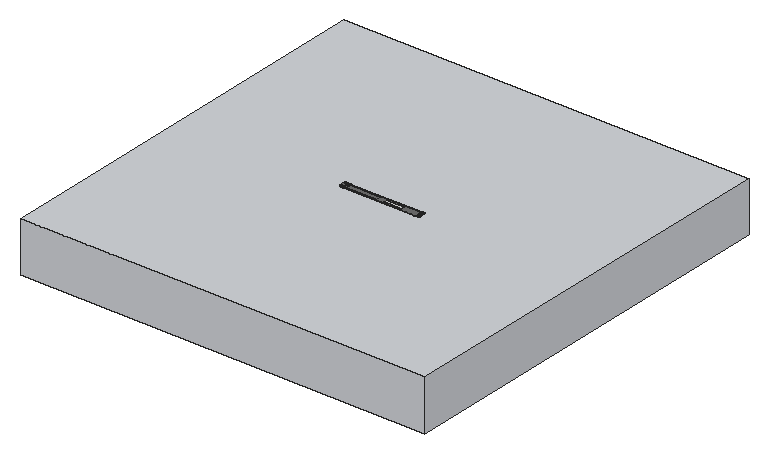
Revit family
Parameters (values of type "M-DCP")
  Weight = 0.000 lbf
  Watts = 0 W
  Voltage = 0 V
  U/M = "EA"
  U Space = "1"
  System = "MapIT (Copper & Fiber)"
  Serial Number = "M-DCP"
  Segment = "COPPER"
  Ports = "24"
  Model = "MAPIT"
  Metal = none
  Manufacturer = "SIEMON"
  Loaded/Empty = "Populated"
  Item Group = "MAPIT COPPER"
  Item Class = "XD"
  Description = "MAPIT,DCP,24PORT,1RMS,BLK"
  Default Elevation = 4' - 0"
  Color = "Black"
Reference planes (in)
  plane 1 "Center (Front/Back)": y = 0
  plane 2: z = 0
  plane 3 "Center (Left/Right)": x = 0
Forms (in)
  Extrusion 1, solid
    sketch origin (0, 0, 0) x (1, 0, 0) y (0, 1, 0)
      loop
        line (-48, 48) -> (-48, -48) -> (48, -48) -> (48, 48) -> (-48, 48)
    from 0 to -12
Dimensions and locks (in)
  aligned and locked: plane 2 to Extrusion 1
  aligned and locked: level to Extrusion 1
Nested families (in)
  nested 1: "M-DCP" at (0, -0.63656, -0.97364), type "M-DCP"
Definition of nested family "M-DCP"
  Parameters (values of type "M-DCP")
    Weight = "1.7 kgs (3.85 lbs)"
    UL Rating = "UL 1863"
    U Space / Capacity = "1U"
    Text1 = Symbol
    Text = Text
    Part Number = "M-DCP"
    Material1 = Metal
    Material = Cold rolled steel (CRS)
    Manufacturer Contact Info / Website = "www.siemon.com"
    Manufacturer = "Siemon"
    LCD = LCD
    Dimensions (H x W x D) = "44.5mm x 483mm x 96mm\r\n(1.75 in. x 19.0 in. x 3.76 in.)"
    Description = "MapIT G2 Distribution Control Panel"
    Clearance = "50mm (2.0 in.) Front and Rear"
    Assembly Code = ""
  Reference planes (in)
    plane 1: z = 0.97364
    plane 2 "Center (Left/Right)": x = 0
  Forms (in)
    Extrusion 1, solid, material "Cold rolled steel (CRS)" <- "Material"
      sketch origin (0, 0.82892, 0.39365) x (1, 0, 0) y (0, 0, -1)
        loop
          line (8.64702, 0.473) -> (-8.66102, 0.473) -> (-8.66102, -0.666) -> (8.64702, -0.666) -> (8.64702, 0.473)
      from 0 to 0.06296
    Extrusion 2, solid, material "Cold rolled steel (CRS)" <- "Material"
      sketch origin (0, 3.96088, 1.03957) x (1, 0, 0) y (0, 1, 0)
        loop
          arc (-9.50002, -4.68301) -> (-9.46341, -4.7714) -> (-9.37502, -4.80801) r 0.125
          line (-9.37502, -4.80801) -> (-8.84902, -4.80801)
          arc (-8.84902, -4.80801) -> (-8.83134, -4.80069) -> (-8.82402, -4.78301) r 0.025
          arc (-8.82402, -4.78301) -> (-8.8167, -4.76533) -> (-8.79902, -4.75801) r 0.025
          line (-8.79902, -4.75801) -> (-8.72402, -4.75801) -> (-8.72402, -3.11601) -> (-8.79902, -3.11601)
          arc (-8.79902, -3.11601) -> (-8.8167, -3.10868) -> (-8.82402, -3.09101) r 0.025
          arc (-8.82402, -3.09101) -> (-8.83134, -3.07333) -> (-8.84902, -3.06601) r 0.025
          line (-8.84902, -3.06601) -> (-9.37502, -3.06601)
          arc (-9.37502, -3.06601) -> (-9.46341, -3.10262) -> (-9.50002, -3.19101) r 0.125
          line (-9.50002, -3.19101) -> (-9.50002, -4.68301)
        loop
          arc (-9.22702, -4.42201) -> (-9.36702, -4.56201) -> (-9.22702, -4.70201) r 0.14
          line (-9.22702, -4.70201) -> (-9.10102, -4.70201)
          arc (-9.10102, -4.70201) -> (-8.96102, -4.56201) -> (-9.10102, -4.42201) r 0.14
          line (-9.10102, -4.42201) -> (-9.22702, -4.42201)
        loop
          arc (-9.22702, -3.17201) -> (-9.36702, -3.31201) -> (-9.22702, -3.45201) r 0.14
          line (-9.22702, -3.45201) -> (-9.10102, -3.45201)
          arc (-9.10102, -3.45201) -> (-8.96102, -3.31201) -> (-9.10102, -3.17201) r 0.14
          line (-9.10102, -3.17201) -> (-9.22702, -3.17201)
        loop
          arc (9.50002, -3.19101) -> (9.46341, -3.10262) -> (9.37502, -3.06601) r 0.125
          line (9.37502, -3.06601) -> (8.84902, -3.06601)
          arc (8.84902, -3.06601) -> (8.83134, -3.07333) -> (8.82402, -3.09101) r 0.025
          arc (8.82402, -3.09101) -> (8.8167, -3.10868) -> (8.79902, -3.11601) r 0.025
          line (8.79902, -3.11601) -> (8.72402, -3.11601) -> (8.72402, -4.75801) -> (8.79902, -4.75801)
          arc (8.79902, -4.75801) -> (8.8167, -4.76533) -> (8.82402, -4.78301) r 0.025
          arc (8.82402, -4.78301) -> (8.83134, -4.80069) -> (8.84902, -4.80801) r 0.025
          line (8.84902, -4.80801) -> (9.37502, -4.80801)
          arc (9.37502, -4.80801) -> (9.46341, -4.7714) -> (9.50002, -4.68301) r 0.125
          line (9.50002, -4.68301) -> (9.50002, -3.19101)
        loop
          arc (9.10102, -4.42201) -> (8.96102, -4.56201) -> (9.10102, -4.70201) r 0.14
          line (9.10102, -4.70201) -> (9.22702, -4.70201)
          arc (9.22702, -4.70201) -> (9.36702, -4.56201) -> (9.22702, -4.42201) r 0.14
          line (9.22702, -4.42201) -> (9.10102, -4.42201)
        loop
          line (9.22702, -3.17201) -> (9.10102, -3.17201)
          arc (9.10102, -3.17201) -> (8.96102, -3.31201) -> (9.10102, -3.45201) r 0.14
          line (9.10102, -3.45201) -> (9.22702, -3.45201)
          arc (9.22702, -3.45201) -> (9.36702, -3.31201) -> (9.22702, -3.17201) r 0.14
        loop
          arc (8.85002, -3.67201) -> (8.78638, -3.69837) -> (8.76002, -3.76201) r 0.09
          line (8.76002, -3.76201) -> (8.76002, -4.11201)
          arc (8.76002, -4.11201) -> (8.78638, -4.17565) -> (8.85002, -4.20201) r 0.09
          line (8.85002, -4.20201) -> (9.33002, -4.20201)
          arc (9.33002, -4.20201) -> (9.39366, -4.17565) -> (9.42002, -4.11201) r 0.09
          line (9.42002, -4.11201) -> (9.42002, -3.76201)
          arc (9.42002, -3.76201) -> (9.39366, -3.69837) -> (9.33002, -3.67201) r 0.09
          line (9.33002, -3.67201) -> (8.85002, -3.67201)
        loop
          line (9.33002, -3.68501) -> (8.85002, -3.68501)
          arc (8.85002, -3.68501) -> (8.79557, -3.70756) -> (8.77302, -3.76201) r 0.077
          line (8.77302, -3.76201) -> (8.77302, -4.11201)
          arc (8.77302, -4.11201) -> (8.79557, -4.16646) -> (8.85002, -4.18901) r 0.077
          line (8.85002, -4.18901) -> (9.33002, -4.18901)
          arc (9.33002, -4.18901) -> (9.38447, -4.16646) -> (9.40702, -4.11201) r 0.077
          line (9.40702, -4.11201) -> (9.40702, -3.76201)
          arc (9.40702, -3.76201) -> (9.38447, -3.70756) -> (9.33002, -3.68501) r 0.077
      from -0.02692 to 0.02008
    Extrusion 3, solid, material "Text" <- "Text"
      sketch origin (0, 0.02387, 1.07602) x (1, 0, 0) y (0, 1, 0)
        loop
          arc (8.85002, 0.265) -> (8.78638, 0.23864) -> (8.76002, 0.175) r 0.09
          line (8.76002, 0.175) -> (8.76002, -0.175)
          arc (8.76002, -0.175) -> (8.78638, -0.23864) -> (8.85002, -0.265) r 0.09
          line (8.85002, -0.265) -> (9.33002, -0.265)
          arc (9.33002, -0.265) -> (9.39366, -0.23864) -> (9.42002, -0.175) r 0.09
          line (9.42002, -0.175) -> (9.42002, 0.175)
          arc (9.42002, 0.175) -> (9.39366, 0.23864) -> (9.33002, 0.265) r 0.09
          line (9.33002, 0.265) -> (8.85002, 0.265)
        loop
          line (9.33002, 0.252) -> (8.85002, 0.252)
          arc (8.85002, 0.252) -> (8.79557, 0.22945) -> (8.77302, 0.175) r 0.077
          line (8.77302, 0.175) -> (8.77302, -0.175)
          arc (8.77302, -0.175) -> (8.79557, -0.22945) -> (8.85002, -0.252) r 0.077
          line (8.85002, -0.252) -> (9.33002, -0.252)
          arc (9.33002, -0.252) -> (9.38447, -0.22945) -> (9.40702, -0.175) r 0.077
          line (9.40702, -0.175) -> (9.40702, 0.175)
          arc (9.40702, 0.175) -> (9.38447, 0.22945) -> (9.33002, 0.252) r 0.077
      from -0.06336 to -0.01636
    Extrusion 4, solid, material "Cold rolled steel (CRS)" <- "Material"
      sketch origin (0, 0.02387, 1.07602) x (1, 0, 0) y (0, 1, 0)
        loop
          line (-0.65354, 0.61628) -> (-8.02875, 0.61628) -> (-8.02875, -0.68491) -> (-0.65354, -0.68491) -> (-0.65354, 0.61628)
        loop
          line (4.84096, 0.53557) -> (0.7071, 0.53557) -> (0.7071, -0.5668) -> (4.84096, -0.5668) -> (4.84096, 0.53557)
        loop
          line (-8.65907, -0.84239) -> (8.65987, -0.84239) -> (8.65987, 0.81116) -> (-8.65907, 0.81116) -> (-8.65907, -0.84239)
      from -0.06436 to -0.01636
    Extrusion 5, solid, material "Cold rolled steel (CRS)" <- "Material"
      sketch origin (0.0626, -0.02313, 1.07602) x (1, 0, 0) y (0, 0, -1)
        loop
          line (-8.72402, 0.06336) -> (-8.72402, 0.01636)
          arc (-8.72402, 0.01636) -> (-8.67947, 0.03482) -> (-8.66102, 0.07936) r 0.063
          line (-8.66102, 0.07936) -> (-8.66102, 0.22036) -> (-8.70902, 0.22036) -> (-8.70902, 0.09412)
          arc (-8.70902, 0.09412) -> (-8.71135, 0.07622) -> (-8.72402, 0.06336) r 0.02832
        loop
          arc (8.72402, 0.06336) -> (8.71135, 0.07622) -> (8.70902, 0.09412) r 0.02832
          line (8.70902, 0.09412) -> (8.70902, 0.22036) -> (8.66102, 0.22036) -> (8.66102, 0.07936)
          arc (8.66102, 0.07936) -> (8.67947, 0.03482) -> (8.72402, 0.01636) r 0.063
          line (8.72402, 0.01636) -> (8.72402, 0.06336)
      from -0.821 to 0.821
    Extrusion 6, solid, material "Cold rolled steel (CRS)" <- "Material"
      sketch origin (-8.71414, 0.02387, 1.07602) x (0, 0, -1) y (0, 1, 0)
        loop
          line (0.22036, 0.821) -> (0.22036, -0.727) -> (1.21737, -0.727) -> (1.21737, 0.821) -> (0.22036, 0.821)
      from 0.00512 to 0.05312
    Extrusion 7, solid, material "Cold rolled steel (CRS)" <- "Material"
      sketch origin (0, 0.02387, 1.07602) x (1, 0, 0) y (0, 1, 0)
        loop
          line (8.46602, -0.753) -> (8.46602, -0.497) -> (-8.56202, -0.497) -> (-8.56202, -0.753)
          arc (-8.56202, -0.753) -> (-8.53273, -0.82371) -> (-8.46202, -0.853) r 0.1
          line (-8.46202, -0.853) -> (8.36602, -0.854)
          arc (8.36602, -0.854) -> (8.43673, -0.82371) -> (8.46602, -0.753) r 0.1
      from -3.75737 to -3.70237
    Extrusion 8, solid, material "Cold rolled steel (CRS)" <- "Material"
      sketch origin (0, 0.02387, 1.07602) x (0, 0, -1) y (0, 1, 0)
        loop
          line (3.66337, -0.403) -> (3.66337, -0.458)
          arc (3.66337, -0.458) -> (3.69095, -0.46942) -> (3.70237, -0.497) r 0.039
          line (3.70237, -0.497) -> (3.75737, -0.497)
          arc (3.75737, -0.497) -> (3.72984, -0.43053) -> (3.66337, -0.403) r 0.094
        loop
          line (2.61737, -0.497) -> (2.67237, -0.497)
          arc (2.67237, -0.497) -> (2.68379, -0.46942) -> (2.71137, -0.458) r 0.039
          line (2.71137, -0.458) -> (2.71137, -0.403)
          arc (2.71137, -0.403) -> (2.6449, -0.43053) -> (2.61737, -0.497) r 0.094
      from -8.56202 to 8.46602
    Extrusion 9, solid, material "Cold rolled steel (CRS)" <- "Material"
      sketch origin (0, 0.02387, 1.07602) x (0, 0, -1) y (0, 1, 0)
        loop
          line (3.66337, -0.69328) -> (3.66337, -0.497) -> (2.51137, -0.497) -> (1.36737, 0.05661) -> (1.17037, 0.05661) -> (1.17037, -0.2279) -> (1.17242, -0.19675)
          arc (1.17242, -0.19675) -> (1.19819, -0.17341) -> (1.22237, -0.19839) r 0.025
          line (1.22237, -0.19839) -> (1.22237, -0.69328) -> (3.66337, -0.69328)
      from 8.50502 to 8.56002
    Extrusion 10, solid, material "Cold rolled steel (CRS)" <- "Material"
      sketch origin (-15.74803, 0.02387, 1.07602) x (0, 0, -1) y (0, 1, 0)
        loop
          line (3.66337, -0.69328) -> (3.66337, -0.497) -> (2.51137, -0.497) -> (1.36737, 0.05661) -> (1.17037, 0.05661) -> (1.17037, -0.2279) -> (1.17242, -0.19675)
          arc (1.17242, -0.19675) -> (1.19819, -0.17341) -> (1.22237, -0.19839) r 0.025
          line (1.22237, -0.19839) -> (1.22237, -0.69328) -> (3.66337, -0.69328)
      from 7.09201 to 7.14701
    Extrusion 11, solid, material "Cold rolled steel (CRS)" <- "Material"
      sketch origin (0, 0.02387, 1.07602) x (1, 0, 0) y (0, 1, 0)
        loop
          line (8.09151, -0.11392) -> (8.09151, -0.69328) -> (8.50502, -0.69328) -> (8.50502, 0.03659) -> (8.09151, -0.11392)
      from -1.27091 to -1.21737
    Extrusion 12, solid, material "LCD" <- "LCD"
      sketch origin (0, 0.02387, 1.07602) x (1, 0, 0) y (0, 1, 0)
        loop
          line (0.7071, 0.53557) -> (0.7071, -0.5668) -> (4.84096, -0.5668) -> (4.84096, 0.53557) -> (0.7071, 0.53557)
      from -0.11065 to -0.06436
    Extrusion 13, solid, material "Cold rolled steel (CRS)" <- "Material"
      sketch origin (8.6559, 0.02387, 1.07602) x (0, 0, -1) y (0, 1, 0)
        loop
          line (0.22036, 0.821) -> (0.22036, -0.727) -> (1.21737, -0.727) -> (1.21737, 0.821) -> (0.22036, 0.821)
      from 0.00012 to 0.05312
    Extrusion 14, solid, material "Cold rolled steel (CRS)" <- "Material"
      sketch origin (0, -0.83013, 0.39365) x (1, 0, 0) y (0, 0, -1)
        loop
          arc (8.64902, 0.436) -> (8.62266, 0.49964) -> (8.55902, 0.526) r 0.09
          line (8.55902, 0.526) -> (-8.57102, 0.526)
          arc (-8.57102, 0.526) -> (-8.63466, 0.49964) -> (-8.66102, 0.436) r 0.09
          line (-8.66102, 0.436) -> (-8.66102, -0.618) -> (8.64902, -0.618) -> (8.64902, 0.436)
      from 0 to 0.047
    Extrusion 15, solid, material "Cold rolled steel (CRS)" <- "Material"
      sketch origin (0, 0.02387, 1.07602) x (1, 0, 0) y (0, 1, 0)
        loop
          line (8.70902, -0.727) -> (8.66202, -0.727)
          arc (8.66202, -0.727) -> (8.64825, -0.76024) -> (8.61502, -0.774) r 0.047
          line (8.61502, -0.774) -> (-8.61502, -0.774)
          arc (-8.61502, -0.774) -> (-8.64825, -0.76024) -> (-8.66202, -0.727) r 0.047
          line (-8.66202, -0.727) -> (-8.70902, -0.727)
          arc (-8.70902, -0.727) -> (-8.68149, -0.79347) -> (-8.61502, -0.821) r 0.094
          line (-8.61502, -0.821) -> (8.61502, -0.821)
          arc (8.61502, -0.821) -> (8.68149, -0.79347) -> (8.70902, -0.727) r 0.094
      from -1.21737 to -0.22036
    Extrusion 16, solid, material "Cold rolled steel (CRS)" <- "Material"
      sketch origin (0, 0.02387, 1.07602) x (1, 0, 0) y (0, 1, 0)
        loop
          line (8.64702, 0.821) -> (-8.66102, 0.821) -> (-8.66102, -0.727) -> (8.64702, -0.727) -> (8.64702, 0.821)
      from -1.17037 to -1.12652
    Extrusion 17, solid, material "Cold rolled steel (CRS)" <- "Material"
      sketch origin (0, 0.02387, 1.07602) x (1, 0, 0) y (0, 1, 0)
        loop
          line (-8.52182, 0.72281) -> (-8.52182, -0.65514) -> (8.60416, -0.65514) -> (8.60416, 0.72281) -> (-8.52182, 0.72281)
      from -0.15264 to -0.09412
  Cuts and joins
    joined: Extrusion 1, Extrusion 2
    joined: Extrusion 7, Extrusion 8, Extrusion 9, Extrusion 10
  Lines and regions (in)
    reference lines
      curve 1: line (-9.17323, 0, 1.90852) -> (-9.17323, 0, -2.22534)
      curve 2: line (9.17323, 0, 1.90852) -> (9.17323, 0, -2.22534)
      curve 3: line (-9.95093, 0.63656, 0.62) -> (10.12781, 0.63656, 0.62)
  Dimensions and locks (in)
    curve 1 to plane 2 "Center (Left/Right)" to curve 2 = 0' - 9.17323", 0' - 9.17323"
